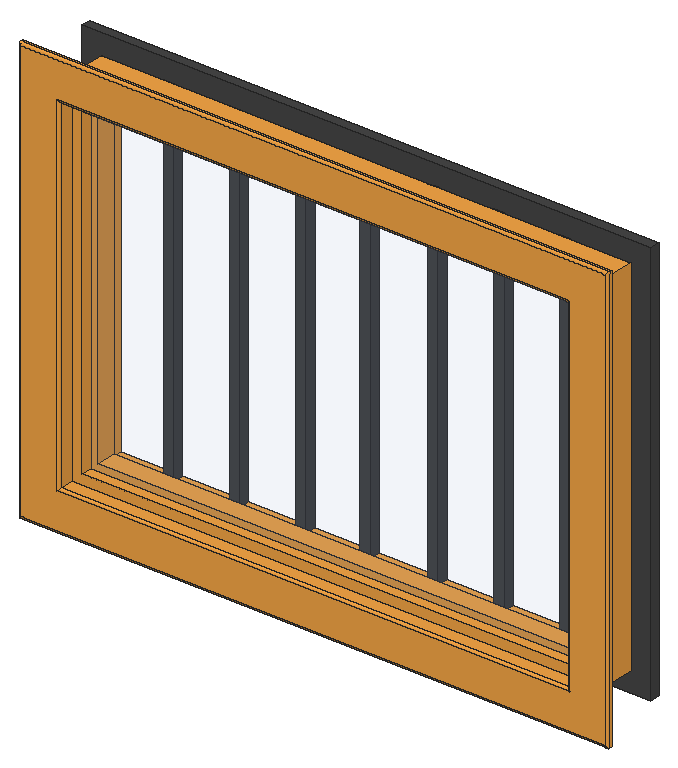
Revit family "Window_Detention", category Windows, host Wall, Revit 2026
Family settings
  Host = Wall
  Classification Number = 23.30.20.24.11
  Always vertical = Yes
  Cut with Voids When Loaded = No
  Shared = No
  Room Calculation Point = No
Parameters (values of type "Custom Sizing")
  Window Glass Type [instance] = ARCAT - Glass - Wired - Tinted_Blue
  Window Frame Material = ARCAT - Metal - Steel 18ga - Painted - Green
  Water Penetration = "Lo leakage at 2.86 PSF"
  Security Frame Material = ARCAT - Metal - Steel 1/4" - Painted - Black
  Rough Width = Width + 0' 1 1/2"  # 4' - 5 1/2"
  Rough Height = Height + 0' 1 1/2"  # 3' - 1 1/2"
  Keynote = "08580"
  Impact Resistance = "Tested in accorance with ASTM F 1592"
  Fastening = "Exterior Mounted, Tamper and Corrosion Resistant Expansion Bolts"
  Description = "Detention Window"
  Bar Width = 0' - 1"
  Warranty Duration (Years) = 2
  U-Factor = 0.4
  Trim Material [instance] = ARCAT - Paint - Epoxy Enamel - Orange
  Test Data = ""
  Specification = "http://www.arcat.com/divs/sec/sec08580.shtml"
  Sound Transmission Class (STC) = 42
  Sales Information = ""
  SHGC = 0.49
  Product Properties = "http://www.arcat.com/bim/bim_info.pl?fn=Window_Detention"
  Product Data = "http://www.arcat.com/divs/sec/sec08580.shtml"
  Model = "Generic"  # constant formula
  Manufacturer Website = ""
  Manufacturer Phone - Toll Free = ""
  Manufacturer Phone = "(203) 929-9444"  # constant formula
  Manufacturer Fax = "(203) 929-2444"  # constant formula
  Manufacturer Email = "bim@arcat.com"  # constant formula
  Manufacturer Address = "1077 Bridgeport Ave, Shelton, CT  06484"  # constant formula
  Manufacturer = "Generic"  # constant formula
  Maintenance Schedule (Months) = 6
  Interior Casing Width = 0' - 4"
  Installation-Fabrication = ""
  Installation Phase = ""
  Height = 3' - 0"
  Hardware Finish [instance] = ARCAT - Metal - Brass - BHMA606 - Dull Brass
  Green Building-LEED = "http://www.arcat.com/green/green_building.shtml"
  Glass Thickness = 0' - 0 7/8"
  Expected Lifespan (Years) = 10
  Drawn By = "Robert S. Weygant. CSI, CDT, SCIP"  # constant formula
  Exterior Security Frame Depth = 0' - 1"
  Default Sill Height = 3' - 6"
  Wall Closure = By host
  Width = 4' - 4"
  Copyright = "2008, ARCAT, Inc."  # constant formula
  Construction Details = "http://www.arcat.com/divs/sec/sec08580.shtml"
  Cladding Material = ARCAT - Metal - Brass - BHMA606 - Dull Brass
  Building Codes = ""
  Assembly Code = "B2020120"
  Air Infiltration = "0.20 CFM at 1.57 PSF"
Reference planes (in)
  plane 1 "Center (Front/Back)": y = 0
  plane 2: z = 0
  plane 3 "Center (Left/Right)": x = 0
  plane 4 "Left": x = -26
  plane 5 "Right": x = 26
  plane 6 "Sill": z = 42
  plane 7 "Top": z = 78
  plane 8: x = 19.5
  plane 9: x = -19.5
  plane 10: x = 13
  plane 11: x = 6.5
  plane 12: x = 0
  plane 13: x = -6.5
  plane 14: x = -13
  plane 15: y = 4
  plane 16: x = -25
  plane 17: x = -24
Forms (in)
  Extrusion 1, solid, material "ARCAT - Metal - Steel 1/4" - Painted - Black" <- "Security Frame Material"
    sketch origin (0, 0, 0) x (1, 0, 0) y (0, 0, 1)
      loop
        line (26, 78) -> (-26, 78) -> (-26, 42) -> (26, 42) -> (26, 78)
      loop
        line (-27.9685039, 79.9685039) -> (-27.9685039, 40.0314961) -> (27.9685039, 40.0314961) -> (27.9685039, 79.9685039) -> (-27.9685039, 79.9685039)
    from -4 to -3
  Extrusion 2, solid, material "ARCAT - Metal - Steel 1/4" - Painted - Black" <- "Security Frame Material"
    sketch origin (0, 0, 42) x (0, -1, 0) y (1, 0, 0)
      loop
        line (-4, -13.4094488) -> (-3, -13.4094488) -> (-3, -12.4094488) -> (-4, -12.4094488) -> (-4, -13.4094488)
      loop
        line (-4, -6.9094488) -> (-3, -6.9094488) -> (-3, -5.9094488) -> (-4, -5.9094488) -> (-4, -6.9094488)
      loop
        line (-4, -19.9094488) -> (-3, -19.9094488) -> (-3, -18.9094488) -> (-4, -18.9094488) -> (-4, -19.9094488)
      loop
        line (-4, 6.0905512) -> (-3, 6.0905512) -> (-3, 7.0905512) -> (-4, 7.0905512) -> (-4, 6.0905512)
      loop
        line (-4, 12.5905512) -> (-3, 12.5905512) -> (-3, 13.5905512) -> (-4, 13.5905512) -> (-4, 12.5905512)
      loop
        line (-4, 19.0905512) -> (-3, 19.0905512) -> (-3, 20.0905512) -> (-4, 20.0905512) -> (-4, 19.0905512)
      loop
        line (-4, -0.5905512) -> (-3, -0.5905512) -> (-3, 0.4094488) -> (-4, 0.4094488) -> (-4, -0.5905512)
    from 0 to 36
  Extrusion 3, solid, material "ARCAT - Glass - Wired - Tinted_Blue" <- "Window Glass Type"
    sketch origin (0, 0, 0) x (1, 0, 0) y (0, 0, 1)
      loop
        line (-26, 78) -> (-26, 42) -> (26, 42) -> (26, 78) -> (-26, 78)
    from 0 to 0.875
  Sweep 4, solid, material "ARCAT - Paint - Epoxy Enamel - Orange" <- "Trim Material"
    path origin (0, 0, 0) x (1, 0, 0) y (0, 0, 1)
      loop
        line (-26, 42) -> (26, 42) -> (26, 78) -> (-26, 78) -> (-26, 42)
    profile origin (-26, 0, 60) x (-1, 0, 0) y (0, -1, 0)
      loop
        line (0, -4) -> (0, 3) -> (3, 3) -> (3, 3.25)
        arc (3, 3.25) -> (2.9267767, 3.4267767) -> (2.75, 3.5) r 0.25
        line (2.75, 3.5) -> (-0.75, 3.5)
        arc (-0.75, 3.5) -> (-0.9267767, 3.4267767) -> (-1, 3.25) r 0.25
        line (-1, 3.25) -> (-1, 1.9410325) -> (-2, 1.9410325) -> (-2, 0.882065) -> (-1, 0.882065) -> (-1, 0) -> (-2, 0) -> (-2, -2) -> (-1, -2) -> (-1, -4) -> (0, -4)
Lines and regions (in)
  Opening 1
    outline origin (-60, -3, 0) x (1, 0, 0) y (0, 0, 1)
      loop
        line (34, 78) -> (34, 42) -> (86, 42) -> (86, 78) -> (34, 78)
Text (in)
  text "EXTERIOR" at (-58.6887958, 50.9069435, 0), in view "A-101 - Plan View"
  text "INTERIOR" at (-58.6887958, -37.7663834, 0), in view "A-101 - Plan View"
  text "Exterior" at (0, 43.6563107, 123.1960383), in view "Left"
  text "Exterior" at (0, 18.2938457, 125.0474676), in view "Right"
Dimensions and locks (in)
  equal spacing: plane 4 "Left", plane 3 "Center (Left/Right)", plane 5 "Right"
  "Width": plane 4 "Left" to plane 5 "Right"
  "Height": plane 6 "Sill" to plane 7 "Top"
  "Default Sill Height": plane 2 to plane 6 "Sill"
  equal spacing: plane 4 "Left", plane 9, plane 14, plane 13, plane 12, plane 11, plane 10, plane 8, plane 5 "Right"
  "Exterior Security Frame Depth": plane 15 to host wall
  "Bar Width": Extrusion 2 sketch curve to Extrusion 2 sketch curve  (x7)
  "Glass Thickness": Extrusion 3 to Extrusion 3
  locked: plane 4 "Left" to plane 16 at 1
  plane 16 to plane 17 = 0' - 1"
  locked: Sweep 4 sketch curve to Sweep 4 sketch curve at 0.5
  "Interior Casing Width": Sweep 4 sketch curve to Sweep 4 sketch curve
  aligned and locked: plane 7 "Top" to Opening 1 sketch curve
  aligned and locked: plane 6 "Sill" to Opening 1 sketch curve  (x2)
  aligned and locked: plane 5 "Right" to Opening 1 sketch curve
  aligned and locked: plane 4 "Left" to Opening 1 sketch curve
  aligned and locked: Extrusion 1 to plane 15
  aligned and locked: plane 15 to Extrusion 2 sketch curve
  aligned and locked: Extrusion 2 to host wall
  aligned and locked: Extrusion 3 sketch curve to Extrusion 1  (x3)
  aligned and locked: plane 7 "Top" to Extrusion 3 sketch curve
  aligned and locked: Sweep 4 sketch curve to plane 4 "Left"
  aligned and locked: plane 5 "Right" to Sweep 4 sketch curve
  aligned and locked: plane 7 "Top" to Sweep 4 sketch curve
  aligned and locked: Sweep 4 sketch curve to plane 6 "Sill"
  aligned and locked: plane 16 to Sweep 4 sketch curve  (x2)
  aligned and locked: Sweep 4 sketch curve to plane 15
  aligned and locked: host wall to Sweep 4 sketch curve
  aligned and locked: plane 17 to Sweep 4 sketch curve  (x2)
Automatic sketch dimensions
  Extrusion 1 sketch curve to plane 4 "Left" = 0' - 0"
  Extrusion 1 sketch curve to plane 5 "Right" = 0' - 0"
  Extrusion 1 sketch curve to plane 6 "Sill" = 0' - 0"
  Extrusion 1 sketch curve to plane 7 "Top" = 0' - 0"
  plane 4 "Left" to Extrusion 1 sketch curve = 0' - 1.9685"
  Extrusion 1 sketch curve to plane 5 "Right" = 0' - 1.9685"
  plane 6 "Sill" to Extrusion 1 sketch curve = 0' - 1.9685"
  Extrusion 1 sketch curve to plane 7 "Top" = 0' - 1.9685"
  Extrusion 2 sketch curve to plane 15 = 0' - 0"  (x6)
  Extrusion 2 sketch curve to host wall = 0' - 0"  (x7)
  Extrusion 2 sketch curve to plane 9 = 0' - 0.59055"
  Extrusion 2 sketch curve to plane 14 = 0' - 0.59055"
  Extrusion 2 sketch curve to plane 13 = 0' - 0.59055"
  Extrusion 2 sketch curve to plane 3 "Center (Left/Right)" = 0' - 0.59055"
  Extrusion 2 sketch curve to plane 11 = 0' - 0.59055"
  Extrusion 2 sketch curve to plane 10 = 0' - 0.59055"
  Extrusion 2 sketch curve to plane 8 = 0' - 0.59055"
  Sweep 4 sketch curve to plane 16 = 0' - 0"
  Sweep 4 sketch curve to profile plane = 0' - 0"
  Sweep 4 sketch curve to plane 1 "Center (Front/Back)" = 0' - 0"
  Sweep 4 sketch curve to Sweep 4 sketch curve = 0' - 0 1/4"  (x2)
  Sweep 4 sketch curve to plane 1 "Center (Front/Back)" = 0' - 2"
  Sweep 4 sketch curve to Sweep 4 sketch curve = 0' - 0.88206"
  Sweep 4 sketch curve to Sweep 4 sketch curve = 0' - 1.05897"
